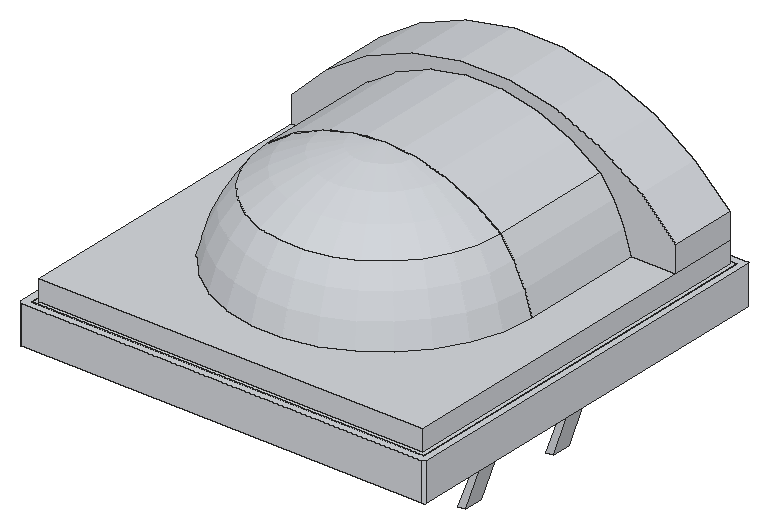
Revit family "Gira_230266", category Electrical Fixtures, host Face, Revit 2017
Family settings
  Host = Face
  Maintain Annotation Orientation = Yes
  Round Connector Dimension = Use Diameter
  Part Type = Normal
  Cut with Voids When Loaded = No
  Shared = No
  Room Calculation Point = No
Parameters (values of type "Auto.ctrl.sw. 2 Komfort 2.20 m Gira TX_44 p.white")
  URL = "http://katalog.gira.de/en/datenblatt.html?artikelnr=230266"
  Suitable for wireless transmission = "No"
  Suitable for degree of protection (IP) = "IP20"
  Staircase monitoring = "Yes"
  Response value sensitivity adjustable = "Yes"
  Response value luminosity adjustable = "No"
  RAL-number (akin) = "9010"
  Networkable = "No"
  Name = "Auto.ctrl.sw. 2 Komfort 2.20 m Gira TX_44 p.white"
  Mounting method = "Flush mounted (plaster)"
  Mounting height = "2.2"
  Model = "Movement sensor"
  Min. switch-on time = "10"
  Max. transmission range sideways = "6"
  Max. transmission range frontally = "12"
  Max. duty cycle = "1800"
  Material quality = "Other"
  Material = "Other"
  Manufacturer URL = "https://www.gira.de/"
  Manufacturer = "Gira"
  Keynote = ""
  HeinzeBIM = "https://bimportal.heinze.de/bim/auto-ctrl-sw-2-komfort-2-20-m-gira-tx-44-p-white/ba237e9990bfe6228509af7bf279396de7cc3c31"
  Halogen free = "No"
  HVAC-control = "No"
  HAN = "230266"
  GTIN = "4010337104742"
  Dim function with dimmer basic element = "Yes"
  Detection angle horizontal = "1 - 180"
  Description = "ACS 2 Kmf.2.20m TX_44 PW,System  2000 automatic control switch 2 Komfort top unit, mounting height up to 2.20 m,Komfort top unit,pure white,Automatic control switch for switching light automatically, depending on the movement of heat and ambient brightness.,,Features:,- Extension of the detection range in combination with an auxiliary insert for presence detectors and automatic control switches.,- Teach-in function for adapting the brightness threshold.,- Switch-on brightness can be saved permanently, with dimming insert.,- Can be dimmed slightly, with dimming insert and connected auxiliary insert.,- Crawl-under protection.,- Delay time limit.,- IR remote control for setting various functions.,- Dimming function, with dimming insert.,- Short-term operation, e.g. for controlling acoustic signal transmitters, with switching insert.,- Display LED.,- Occupied-home simulation.,- Nightlight function.,- Motion detection which can be toggled between the indoors and outdoors.,,Notes :,- For operation with System 2000 flush-mounted insert for dimming, switching, or auxiliary insert use for presence detectors and automatic control switches."
  Default Elevation = 1219.2 mm
  Data sheet (1) = "https://katalog.gira.de/en/download.html?artikelnr=230266"
  Creep-under protection = "No"
  Constant light control = "No"
  Colour = "White"
  Category = "Sensor element for movement sensor"
  BIM (1) = "https://media.stage.bim.site/public/gira/36a6b08/Bewegungsmelder_2,20m.rfa"
  Available = "No"
  Animal zone = "No"
Reference planes
  plane 1 "Center (Front/Back)": y = 0
  plane 2: z = 0
  plane 3 "Center (Left/Right)": x = 0
Forms (mm)
  Extrusion 1, solid, detail levels fine
    sketch origin (0, 0, 0) x (1, 0, 0) y (0, 0, 1)
      loop
        line (-33.25, 14.602) -> (-33.25, 10.1) -> (33.25, 10.1) -> (33.25, 14.602)
        arc (33.25, 14.602) -> (0, 30.256) -> (-33.25, 14.602) r 43.139
    from -33.25 to -21.609
  Extrusion 2, solid, detail levels fine
    sketch origin (0, 0, 0) x (1, 0, 0) y (0, 1, 0)
      loop
        line (-33.25, 33.25) -> (-33.25, -33.25) -> (33.25, -33.25) -> (33.25, 33.25) -> (-33.25, 33.25)
    from 6.6 to 10.1
  Extrusion 3, solid, detail levels fine
    sketch origin (0, 0, 0) x (1, 0, 0) y (0, 0, 1)
      loop
        arc (20.138, 21.225) -> (0, 28.457) -> (-20.138, 21.225) r 31.652
        arc (-20.138, 21.225) -> (-23.48, 15.984) -> (-25.486, 10.1) r 26.053
        line (-25.486, 10.1) -> (25.486, 10.1)
        arc (25.486, 10.1) -> (23.48, 15.984) -> (20.138, 21.225) r 26.053
    from -21.609 to 0
  Revolve 4, solid, detail levels fine
    sketch origin (0, 0, 0) x (1, 0, 0) y (0, 0, 1)
      loop
        arc (0, 28.457) -> (-10.699, 26.594) -> (-20.138, 21.225) r 31.652
        arc (-20.138, 21.225) -> (-23.48, 15.984) -> (-25.486, 10.1) r 26.053
        line (-25.486, 10.1) -> (0, 10.1) -> (0, 28.457)
      axis (0, 28.457) -> (0, 10.1)
    angle from -180 to 0
  Extrusion 5, solid, detail levels fine
    sketch origin (0, 0, 0) x (1, 0, 0) y (0, 1, 0)
      loop
        spline (-34.7, 35.2) -> (-34.765, 35.196) -> (-34.829, 35.183) -> (-34.891, 35.162) -> (-34.95, 35.133) -> (-35.004, 35.097) -> (-35.054, 35.054) -> (-35.097, 35.004) -> (-35.133, 34.95) -> (-35.162, 34.891) -> (-35.183, 34.829) -> (-35.196, 34.765) -> (-35.2, 34.7)
        line (-35.2, 34.7) -> (-35.2, -34.7)
        spline (-35.2, -34.7) -> (-35.196, -34.765) -> (-35.183, -34.829) -> (-35.162, -34.891) -> (-35.133, -34.95) -> (-35.097, -35.004) -> (-35.054, -35.054) -> (-35.004, -35.097) -> (-34.95, -35.133) -> (-34.891, -35.162) -> (-34.829, -35.183) -> (-34.765, -35.196) -> (-34.7, -35.2)
        line (-34.7, -35.2) -> (34.7, -35.2)
        spline (34.7, -35.2) -> (34.765, -35.196) -> (34.829, -35.183) -> (34.891, -35.162) -> (34.95, -35.133) -> (35.004, -35.097) -> (35.054, -35.054) -> (35.097, -35.004) -> (35.133, -34.95) -> (35.162, -34.891) -> (35.183, -34.829) -> (35.196, -34.765) -> (35.2, -34.7)
        line (35.2, -34.7) -> (35.2, 34.7)
        spline (35.2, 34.7) -> (35.196, 34.765) -> (35.183, 34.829) -> (35.162, 34.891) -> (35.133, 34.95) -> (35.097, 35.004) -> (35.054, 35.054) -> (35.004, 35.097) -> (34.95, 35.133) -> (34.891, 35.162) -> (34.829, 35.183) -> (34.765, 35.196) -> (34.7, 35.2)
        line (34.7, 35.2) -> (-34.7, 35.2)
      loop
        line (-33.986, 33.986) -> (-33.986, -33.986) -> (33.986, -33.986) -> (33.986, 33.986) -> (-33.986, 33.986)
    from 0 to 6.6
  Extrusion 6, solid, detail levels fine
    sketch origin (0, 0, 0) x (1, 0, 0) y (0, 1, 0)
      loop
        line (-33.986, 33.986) -> (-33.986, -33.986) -> (33.986, -33.986) -> (33.986, 33.986) -> (-33.986, 33.986)
    from 5 to 6.6
  Extrusion 7, solid
    sketch origin (0, 0, 0) x (1, 0, 0) y (0, 1, 0)
      loop
        line (-23.656, 22.752) -> (-23.656, -22.748)
        arc (-23.656, -22.748) -> (-23.409, -23.369) -> (-22.801, -23.65) r 0.904
        line (-22.801, -23.65) -> (22.796, -23.65)
        arc (22.796, -23.65) -> (23.404, -23.369) -> (23.656, -22.748) r 0.904
        line (23.656, -22.748) -> (23.652, 22.752)
        arc (23.652, 22.752) -> (23.404, 23.374) -> (22.796, 23.655) r 0.904
        line (22.796, 23.655) -> (-22.801, 23.655)
        arc (-22.801, 23.655) -> (-23.409, 23.374) -> (-23.656, 22.752) r 0.904
    from -3.2 to 5
  Extrusion 8, solid, detail levels fine
    sketch origin (0, 0, 0) x (1, 0, 0) y (0, 1, 0)
      loop
        line (-27.334, -25) -> (-26.366, -25) -> (-26.366, 26.298) -> (26.366, 26.298) -> (26.366, -25) -> (27.334, -25) -> (27.334, 27.402) -> (-27.334, 27.402) -> (-27.334, -25)
    from -1.1 to 5
  Extrusion 9, solid, detail levels fine
    sketch origin (0, 0, 0) x (1, 0, 0) y (0, 1, 0)
      loop
        line (-5.141, 20.682) -> (-5.141, 15.098)
        spline (-5.141, 15.098) -> (-5.133, 14.968) -> (-5.107, 14.84) -> (-5.065, 14.716) -> (-5.007, 14.599) -> (-4.935, 14.49) -> (-4.849, 14.391) -> (-4.75, 14.305) -> (-4.641, 14.233) -> (-4.524, 14.175) -> (-4.4, 14.133) -> (-4.272, 14.107) -> (-4.142, 14.099)
        line (-4.142, 14.099) -> (4.142, 14.099)
        spline (4.142, 14.099) -> (4.272, 14.107) -> (4.4, 14.133) -> (4.524, 14.175) -> (4.641, 14.233) -> (4.75, 14.305) -> (4.849, 14.391) -> (4.935, 14.49) -> (5.007, 14.599) -> (5.065, 14.716) -> (5.107, 14.84) -> (5.133, 14.968) -> (5.141, 15.098)
        line (5.141, 15.098) -> (5.141, 20.682)
        spline (5.141, 20.682) -> (5.133, 20.812) -> (5.107, 20.94) -> (5.065, 21.064) -> (5.007, 21.181) -> (4.935, 21.29) -> (4.849, 21.389) -> (4.75, 21.475) -> (4.641, 21.547) -> (4.524, 21.605) -> (4.4, 21.647) -> (4.272, 21.673) -> (4.142, 21.681)
        line (4.142, 21.681) -> (-4.142, 21.681)
        spline (-4.142, 21.681) -> (-4.272, 21.673) -> (-4.4, 21.647) -> (-4.524, 21.605) -> (-4.641, 21.547) -> (-4.75, 21.475) -> (-4.849, 21.389) -> (-4.935, 21.29) -> (-5.007, 21.181) -> (-5.065, 21.064) -> (-5.107, 20.94) -> (-5.133, 20.812) -> (-5.141, 20.682)
    from -19.6 to -3.2
  Extrusion 10, solid, detail levels fine
    sketch origin (0, 0, 0) x (1, 0, 0) y (0, 0, 1)
      loop
        line (-24.966, -3.825) -> (-25.395, -8.726) -> (-23.048, -15.543) -> (-21.665, -15.713) -> (-24.338, -8.563) -> (-23.422, -1.1) -> (-25.014, -1.1) -> (-24.966, -3.825)
      loop
        line (24.966, -3.825) -> (25.014, -1.1) -> (23.422, -1.1) -> (24.338, -8.563) -> (21.665, -15.713) -> (23.048, -15.543) -> (25.395, -8.726) -> (24.966, -3.825)
    from -11.1 to -7.9
  Extrusion 11, solid, detail levels fine
    sketch origin (0, 0, 0) x (1, 0, 0) y (0, 0, -1)
      loop
        line (-24.966, 3.825) -> (-25.014, 1.1) -> (-23.422, 1.1) -> (-24.338, 8.563) -> (-21.665, 15.713) -> (-23.048, 15.543) -> (-25.395, 8.726) -> (-24.966, 3.825)
      loop
        line (24.966, 3.825) -> (25.395, 8.726) -> (23.048, 15.543) -> (21.665, 15.713) -> (24.338, 8.563) -> (23.422, 1.1) -> (25.014, 1.1) -> (24.966, 3.825)
    from -11.1 to -7.9
  Extrusion 12, solid
    sketch origin (0, 0, 0) x (1, 0, 0) y (0, 1, 0)
      loop
        line (-23.656, 22.752) -> (-23.656, -22.748)
        arc (-23.656, -22.748) -> (-23.409, -23.369) -> (-22.801, -23.65) r 0.904
        line (-22.801, -23.65) -> (22.796, -23.65)
        arc (22.796, -23.65) -> (23.404, -23.369) -> (23.656, -22.748) r 0.904
        line (23.656, -22.748) -> (23.652, 22.752)
        arc (23.652, 22.752) -> (23.404, 23.374) -> (22.796, 23.655) r 0.904
        line (22.796, 23.655) -> (-22.801, 23.655)
        arc (-22.801, 23.655) -> (-23.409, 23.374) -> (-23.656, 22.752) r 0.904
    from -3.2 to 5
  Extrusion 13, solid, detail levels medium
    sketch origin (0, 0, 0) x (1, 0, 0) y (0, 1, 0)
      loop
        line (-35.2, 35.2) -> (-35.2, -35.2) -> (35.2, -35.2) -> (35.2, 35.2) -> (-35.2, 35.2)
    from 0 to 6.6
  Extrusion 14, solid, detail levels medium
    sketch origin (0, 0, 0) x (1, 0, 0) y (0, 1, 0)
      loop
        line (-33.25, 33.25) -> (-33.25, -33.25) -> (33.25, -33.25) -> (33.25, 33.25) -> (-33.25, 33.25)
    from 6.6 to 30.256
  Extrusion 15, solid, detail levels medium
    sketch origin (0, 0, 0) x (1, 0, 0) y (0, 1, 0)
      loop
        line (-23.656, 23.655) -> (-23.656, -23.65) -> (23.656, -23.65) -> (23.656, 23.655) -> (-23.656, 23.655)
    from -3.2 to 5
  Extrusion 16, solid, detail levels medium
    sketch origin (0, 0, 0) x (1, 0, 0) y (0, 0, 1)
      loop
        line (-25.014, -1.1) -> (-25.014, -15.713) -> (-21.665, -15.713) -> (-21.665, -1.1) -> (-25.014, -1.1)
      loop
        line (25.014, -1.1) -> (21.665, -1.1) -> (21.665, -15.713) -> (25.014, -15.713) -> (25.014, -1.1)
    from -11.1 to -7.9
  Extrusion 17, solid, detail levels medium
    sketch origin (0, 0, 0) x (1, 0, 0) y (0, 0, -1)
      loop
        line (-25.014, 1.1) -> (-21.665, 1.1) -> (-21.665, 15.713) -> (-25.014, 15.713) -> (-25.014, 1.1)
      loop
        line (25.014, 1.1) -> (25.014, 15.713) -> (21.665, 15.713) -> (21.665, 1.1) -> (25.014, 1.1)
    from -11.1 to -7.9
  Extrusion 18, solid, detail levels medium
    sketch origin (0, 0, 0) x (1, 0, 0) y (0, 1, 0)
      loop
        line (-5.141, 14.099) -> (5.141, 14.099) -> (5.141, 21.681) -> (-5.141, 21.681) -> (-5.141, 14.099)
    from -19.6 to -3.2
  Extrusion 19, solid, detail levels coarse
    sketch origin (0, 0, 0) x (1, 0, 0) y (0, 1, 0)
      loop
        line (-35.2, 35.2) -> (-35.2, -35.2) -> (35.2, -35.2) -> (35.2, 35.2) -> (-35.2, 35.2)
    from -19.6 to 30.256
Dimensions and locks
  aligned and locked: plane 2 to host face
  aligned and locked: level to host face
  aligned and locked: nested 1 to plane 3 "Center (Left/Right)"
  aligned and locked: plane 1 "Center (Front/Back)" to nested 1
Nested families
  nested 1: "Belegungssensor - Bewegung - Aufputz - Beschriftung" at (0, 0, 0) x (0, -1, 0) z (0, 0, 1), type "Belegungssensor - Bewegung - Aufputz - Beschriftung"
Connectors
  electrical at (0, 0, -19.6)
    settings: on Extrusion 19, index 1, voltage 220 V, apparent load 0 VA, apparent load phase1 0 VA, apparent load phase2 0 VA, apparent load phase3 0 VA, power factor 1, load classification "Other", number of poles 1, system type 30, power factor state 1, is connector primary yes, connector utility no, sub classification motor no, connector description ""
Definition of nested family "Belegungssensor - Bewegung - Aufputz - Beschriftung"
  Reference planes
    plane 1: y = 0
    plane 2: x = 0
  Lines and regions (mm)
    Filled region 1, type "Gefüllter Bereich 1"
      outline origin (143.425, -20.712, 0) x (1, 0, 0) y (0, 1, 0)
        loop
          line (-148.697, 21.204) -> (-148.697, 20.409) -> (-147.583, 20.807) -> (-148.697, 21.204)
    Filled region 2, type "Gefüllter Bereich 1"
      outline origin (141.808, 30.001, 0) x (0.939693, 0.34202, 0) y (-0.34202, 0.939693, 0)
        loop
          line (-148.694, 21.203) -> (-148.694, 20.41) -> (-147.583, 20.807) -> (-148.694, 21.203)
    Filled region 3, type "Gefüllter Bereich 1"
      outline origin (141.819, -29.825, 0) x (-0.34202, -0.939693, 0) y (0.939693, -0.34202, 0)
        loop
          line (21.204, -148.697) -> (20.807, -147.583) -> (20.409, -148.697) -> (21.204, -148.697)
    detail lines
      curve 1: line (-1.207, 0.095, 0) -> (-3.486, 1.411, 0)
      curve 2: line (-1.207, 0.095, 0) -> (-3.486, -1.221, 0)
      curve 5: arc (-3.252, 1.752, 0) -> (-3.839, 0.095, 0) -> (-3.252, -1.562, 0) r 2.632
      curve 6: line (-6, 3, 0) -> (0, 3, 0)
      curve 7: line (-6, -3, 0) -> (-6, 3, 0)
      curve 8: line (0, -3, 0) -> (-6, -3, 0)
      curve 9: line (0, 3, 0) -> (0, -3, 0)
    reference lines
      curve 3: line (-1.207, 0.095, 0) -> (-3.616, 2.046, 0)
      curve 4: line (-1.207, 0.095, 0) -> (-3.616, -1.856, 0)
  Dimensions and locks
    curve 1 to curve 1 = 2.632 mm
    curve 2 to curve 2 = 2.632 mm
    curve 6 to curve 8 = 6 mm
    curve 7 to curve 9 = 6 mm
    angle curve 1 to curve 2 = 60.00°
    aligned and locked: curve 6 to curve 7
    aligned and locked: curve 9 to curve 9
